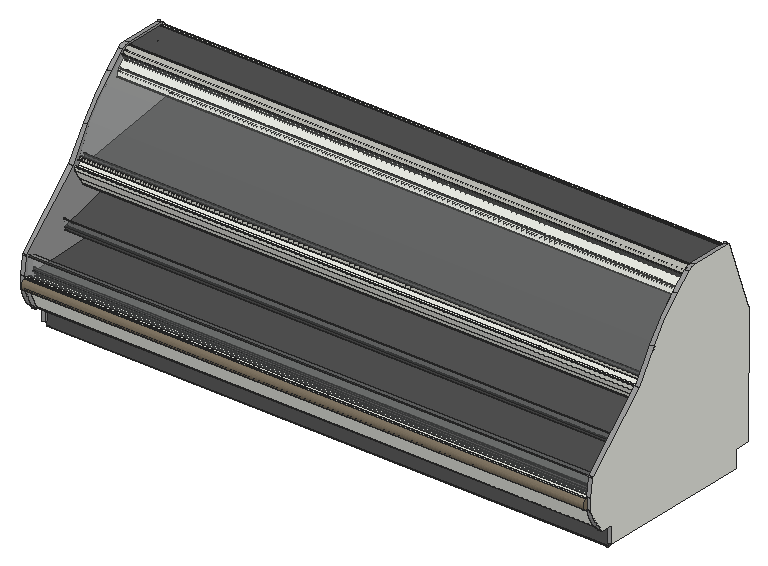
Revit family "CR3-F-EP_2014", category Specialty Equipment, Revit 2014 (continued)
Automatic sketch dimensions
  Extrusion 4 sketch curve to Extrusion 4 sketch curve = 1.352"
  Extrusion 4 sketch curve to Extrusion 4 sketch curve = 0.03046"
  Extrusion 4 sketch curve to Extrusion 4 sketch curve = 0.104"
  Extrusion 4 sketch curve to Extrusion 4 sketch curve = 0.71403"
  Extrusion 4 sketch curve to Extrusion 4 sketch curve = 0.03452"
  Extrusion 4 sketch curve to Extrusion 4 sketch curve = 0.68908"  (x2)
  Extrusion 4 sketch curve to Extrusion 4 sketch curve = 0.07354"  (x2)
  Extrusion 4 sketch curve to Extrusion 4 sketch curve = 0.78092"
  Extrusion 4 sketch curve to Extrusion 4 sketch curve = 1.36572"
  Extrusion 4 sketch curve to Extrusion 4 sketch curve = 0.16857"
  Extrusion 4 sketch curve to Extrusion 4 sketch curve = 0.02954"  (x3)
  Extrusion 4 sketch curve to Extrusion 4 sketch curve = 0.06106"  (x3)
  Extrusion 4 sketch curve to Extrusion 4 sketch curve = 0.094"
  plane 1 "Back" to Extrusion 4 sketch curve = 5.35709"
  plane 3 "Top" to Extrusion 4 sketch curve = 2.81137"
  Extrusion 4 sketch curve to Extrusion 4 sketch curve = 0.05499"
  Extrusion 4 sketch curve to Extrusion 4 sketch curve = 0.30164"
  Extrusion 4 sketch curve to Extrusion 4 sketch curve = 0.16454"
  Extrusion 4 sketch curve to Extrusion 4 sketch curve = 0.02668"  (x3)
  plane 3 "Top" to Extrusion 4 sketch curve = 0.09328"
  Extrusion 4 sketch curve to Extrusion 4 sketch curve = 0.94638"
  Extrusion 4 sketch curve to plane 3 "Top" = 0.10543"
  Extrusion 4 sketch curve to Extrusion 4 sketch curve = 0.28379"
  plane 3 "Top" to Extrusion 4 sketch curve = 3.43393"  (x2)
  Extrusion 4 sketch curve to Extrusion 4 sketch curve = 1.28523"
  Extrusion 4 sketch curve to plane 3 "Top" = 0.01343"
  Extrusion 4 sketch curve to Extrusion 4 sketch curve = 0.58404"
  Extrusion 4 sketch curve to Extrusion 4 sketch curve = 0.36"
  Extrusion 4 sketch curve to Extrusion 4 sketch curve = 0.078"
  Extrusion 4 sketch curve to Extrusion 4 sketch curve = 0.99303"
  Extrusion 4 sketch curve to Extrusion 4 sketch curve = 0.10921"
  plane 3 "Top" to Extrusion 4 sketch curve = 3.03274"
  Extrusion 4 sketch curve to Extrusion 4 sketch curve = 0.0733"  (x4)
  plane 3 "Top" to Extrusion 4 sketch curve = 2.99773"
  Extrusion 4 sketch curve to Extrusion 4 sketch curve = 0.12674"
  plane 3 "Top" to Extrusion 4 sketch curve = 3.07661"
  Extrusion 4 sketch curve to Extrusion 4 sketch curve = 0.00383"
  plane 3 "Top" to Extrusion 4 sketch curve = 2.99595"
  Extrusion 4 sketch curve to Extrusion 4 sketch curve = 0.13143"
  Extrusion 4 sketch curve to Extrusion 4 sketch curve = 0.16815"
  plane 3 "Top" to Extrusion 4 sketch curve = 3.45906"
  Extrusion 4 sketch curve to Extrusion 4 sketch curve = 0.09297"
  Extrusion 4 sketch curve to Extrusion 4 sketch curve = 0.21505"
  Extrusion 4 sketch curve to Extrusion 4 sketch curve = 0.57523"
  plane 3 "Top" to Extrusion 4 sketch curve = 5.61685"
  Extrusion 4 sketch curve to Extrusion 4 sketch curve = 0.07283"
  Extrusion 4 sketch curve to Extrusion 4 sketch curve = 0.39425"
  Extrusion 4 sketch curve to Extrusion 4 sketch curve = 0.25315"
  Extrusion 4 sketch curve to Extrusion 4 sketch curve = 1.4963"
  Extrusion 4 sketch curve to Extrusion 4 sketch curve = 10.83904"
  Extrusion 4 sketch curve to Extrusion 4 sketch curve = 5.63256"
  plane 3 "Top" to Extrusion 4 sketch curve = 6.64353"
  Extrusion 4 sketch curve to Extrusion 4 sketch curve = 0.39943"
  plane 3 "Top" to Extrusion 4 sketch curve = 0.34572"
  Extrusion 4 sketch curve to Extrusion 4 sketch curve = 1.07272"
  plane 3 "Top" to Extrusion 4 sketch curve = 5.63104"
  Extrusion 4 sketch curve to Extrusion 4 sketch curve = 1.75628"
  Extrusion 4 sketch curve to Extrusion 4 sketch curve = 0.96014"
  plane 3 "Top" to Extrusion 4 sketch curve = 5.09665"
  Extrusion 4 sketch curve to Extrusion 4 sketch curve = 0.31787"
  Extrusion 4 sketch curve to Extrusion 4 sketch curve = 0.08586"
  Extrusion 4 sketch curve to Extrusion 4 sketch curve = 0.09299"
  Extrusion 4 sketch curve to Extrusion 4 sketch curve = 0.34287"
  plane 3 "Top" to Extrusion 4 sketch curve = 2.8629"
  Extrusion 4 sketch curve to Extrusion 4 sketch curve = 0.00169"
  Extrusion 4 sketch curve to Extrusion 4 sketch curve = 3.46413"
  Extrusion 4 sketch curve to Extrusion 4 sketch curve = 0.1985"
  Extrusion 4 sketch curve to Extrusion 4 sketch curve = 0.39567"
  Extrusion 4 sketch curve to Extrusion 4 sketch curve = 0.02615"
  Extrusion 4 sketch curve to Extrusion 4 sketch curve = 0.09454"
  Extrusion 4 sketch curve to Extrusion 4 sketch curve = 0.9635"
  Extrusion 4 sketch curve to Extrusion 4 sketch curve = 0.55307"
  Extrusion 4 sketch curve to Extrusion 4 sketch curve = 0.22491"
  level to Extrusion 4 sketch curve = 7.60758"
  Extrusion 4 sketch curve to Extrusion 4 sketch curve = 1.08831"
  Extrusion 4 sketch curve to Extrusion 4 sketch curve = 0.96365"
  plane 3 "Top" to Extrusion 4 sketch curve = 3.963"
  Extrusion 4 sketch curve to Extrusion 4 sketch curve = 0.66947"
  Extrusion 4 sketch curve to Extrusion 4 sketch curve = 0.29278"
  Extrusion 4 sketch curve to Extrusion 4 sketch curve = 0.03128"
  plane 3 "Top" to Extrusion 4 sketch curve = 3.8676"
  Extrusion 4 sketch curve to Extrusion 4 sketch curve = 0.06541"  (x3)
  Extrusion 4 sketch curve to Extrusion 4 sketch curve = 0.08373"
  Extrusion 4 sketch curve to Extrusion 4 sketch curve = 0.01755"
  plane 3 "Top" to Extrusion 4 sketch curve = 4.1655"
  Extrusion 4 sketch curve to Extrusion 4 sketch curve = 0.0336"
  Extrusion 4 sketch curve to Extrusion 4 sketch curve = 0.06279"
  plane 3 "Top" to Extrusion 4 sketch curve = 5.443"
  Extrusion 4 sketch curve to Extrusion 4 sketch curve = 0.34454"
  plane 3 "Top" to Extrusion 4 sketch curve = 5.43364"
  Extrusion 4 sketch curve to Extrusion 4 sketch curve = 0.03373"
  plane 3 "Top" to Extrusion 4 sketch curve = 5.76495"
  plane 3 "Top" to Extrusion 4 sketch curve = 5.7556"
  Extrusion 4 sketch curve to Extrusion 4 sketch curve = 0.02891"
  plane 3 "Top" to Extrusion 4 sketch curve = 5.73981"
  Extrusion 4 sketch curve to Extrusion 4 sketch curve = 0.02898"
  plane 3 "Top" to Extrusion 4 sketch curve = 5.73076"
  Extrusion 4 sketch curve to Extrusion 4 sketch curve = 2.4815"
  Extrusion 4 sketch curve to Extrusion 4 sketch curve = 0.13688"
  Extrusion 4 sketch curve to Extrusion 4 sketch curve = 11/64"
  Extrusion 4 sketch curve to Extrusion 4 sketch curve = 0.04029"
  Extrusion 4 sketch curve to Extrusion 4 sketch curve = 0.06467"
  Extrusion 4 sketch curve to Extrusion 4 sketch curve = 0.06385"
  Extrusion 4 sketch curve to Extrusion 4 sketch curve = 1.13746"
  Extrusion 4 sketch curve to Extrusion 4 sketch curve = 4.3775"
  Extrusion 4 sketch curve to Extrusion 4 sketch curve = 0.01645"
  Extrusion 4 sketch curve to Extrusion 4 sketch curve = 0.4502"
  Extrusion 4 sketch curve to Extrusion 4 sketch curve = 0.00259"
  Extrusion 4 sketch curve to Extrusion 4 sketch curve = 0.05031"
  Extrusion 4 sketch curve to Extrusion 4 sketch curve = 0.01129"  (x5)
  Extrusion 4 sketch curve to Extrusion 4 sketch curve = 1.65387"
  Extrusion 4 sketch curve to Extrusion 4 sketch curve = 0.0325"  (x3)
  Extrusion 4 sketch curve to Extrusion 4 sketch curve = 1.22799"
  Extrusion 4 sketch curve to Extrusion 4 sketch curve = 0.00521"  (x2)
  Extrusion 4 sketch curve to Extrusion 4 sketch curve = 0.09662"  (x2)
  Extrusion 4 sketch curve to Extrusion 4 sketch curve = 0.83717"
  Extrusion 4 sketch curve to Extrusion 4 sketch curve = 1.59722"
  Extrusion 4 sketch curve to Extrusion 4 sketch curve = 0.87601"
  Extrusion 4 sketch curve to Extrusion 4 sketch curve = 0.08357"
  Extrusion 4 sketch curve to Extrusion 4 sketch curve = 0.02379"  (x2)
  Extrusion 4 sketch curve to Extrusion 4 sketch curve = 0.17499"
  Extrusion 4 sketch curve to Extrusion 4 sketch curve = 0.015"  (x4)
  Extrusion 4 sketch curve to Extrusion 4 sketch curve = 0.02598"
  Extrusion 4 sketch curve to Extrusion 4 sketch curve = 2.12313"
  Extrusion 4 sketch curve to Extrusion 4 sketch curve = 0.01904"
  Extrusion 4 sketch curve to Extrusion 4 sketch curve = 0.83568"
  Extrusion 4 sketch curve to Extrusion 4 sketch curve = 0.05629"  (x2)
  Extrusion 4 sketch curve to Extrusion 4 sketch curve = 0.15029"
  Extrusion 4 sketch curve to Extrusion 4 sketch curve = 0.03754"
  Extrusion 4 sketch curve to Extrusion 4 sketch curve = 0.49339"  (x2)
  Extrusion 4 sketch curve to Extrusion 4 sketch curve = 0.04596"
  Extrusion 4 sketch curve to Extrusion 4 sketch curve = 0.05157"
  Extrusion 4 sketch curve to Extrusion 4 sketch curve = 0.87159"
  Extrusion 4 sketch curve to Extrusion 4 sketch curve = 0.06189"
  Extrusion 4 sketch curve to Extrusion 4 sketch curve = 1.66598"
  Extrusion 4 sketch curve to Extrusion 4 sketch curve = 0.75885"
  Extrusion 4 sketch curve to Extrusion 4 sketch curve = 0.01798"
  Extrusion 4 sketch curve to Extrusion 4 sketch curve = 0.7957"
  Extrusion 4 sketch curve to Extrusion 4 sketch curve = 0.21178"
  Extrusion 4 sketch curve to Extrusion 4 sketch curve = 0.02642"
  Extrusion 4 sketch curve to Extrusion 4 sketch curve = 0.06333"
  plane 5 "Front" to Extrusion 4 sketch curve = 6.06739"
  Extrusion 4 sketch curve to Extrusion 4 sketch curve = 0.05811"
  Extrusion 4 sketch curve to Extrusion 4 sketch curve = 1/16"
  Extrusion 4 sketch curve to Extrusion 4 sketch curve = 0.00996"
  Extrusion 4 sketch curve to Extrusion 4 sketch curve = 0.06037"
  Extrusion 4 sketch curve to Extrusion 4 sketch curve = 0.345"  (x2)
  Extrusion 4 sketch curve to Extrusion 4 sketch curve = 0.72585"
  Extrusion 4 sketch curve to Extrusion 4 sketch curve = 0.002"
  Extrusion 4 sketch curve to Extrusion 4 sketch curve = 0.07433"
  Extrusion 4 sketch curve to Extrusion 4 sketch curve = 0.05894"
  Extrusion 4 sketch curve to Extrusion 4 sketch curve = 0.942"
  Extrusion 4 sketch curve to Extrusion 4 sketch curve = 0.437"
  Extrusion 4 sketch curve to Extrusion 4 sketch curve = 1.30099"
  Extrusion 4 sketch curve to Extrusion 4 sketch curve = 0.321"  (x2)
  Extrusion 4 sketch curve to Extrusion 4 sketch curve = 0.3835"
  Extrusion 4 sketch curve to Extrusion 4 sketch curve = 0.33171"
  Extrusion 4 sketch curve to Extrusion 4 sketch curve = 0.48743"
  Extrusion 4 sketch curve to Extrusion 4 sketch curve = 0.0925"  (x2)
  Extrusion 4 sketch curve to Extrusion 4 sketch curve = 0.71176"
  Extrusion 4 sketch curve to Extrusion 4 sketch curve = 0.95999"
  Extrusion 4 sketch curve to Extrusion 4 sketch curve = 0.0605"
  Extrusion 4 sketch curve to Extrusion 4 sketch curve = 0.136"
  Extrusion 4 sketch curve to Extrusion 4 sketch curve = 0.70692"
  Extrusion 4 sketch curve to Extrusion 4 sketch curve = 0.92046"
  Extrusion 4 sketch curve to Extrusion 4 sketch curve = 1.6225"
  Extrusion 4 sketch curve to Extrusion 4 sketch curve = 0.57125"
  Extrusion 4 sketch curve to Extrusion 4 sketch curve = 0.18131"
  Extrusion 4 sketch curve to Extrusion 4 sketch curve = 0.02229"
  Extrusion 4 sketch curve to Extrusion 4 sketch curve = 0.92417"
  Extrusion 4 sketch curve to Extrusion 4 sketch curve = 2.51608"
  Extrusion 4 sketch curve to Extrusion 4 sketch curve = 0.234"
  Extrusion 4 sketch curve to Extrusion 4 sketch curve = 3.88125"
  Extrusion 4 sketch curve to Extrusion 4 sketch curve = 0.91209"
  Extrusion 4 sketch curve to Extrusion 4 sketch curve = 0.01618"
  Extrusion 4 sketch curve to Extrusion 4 sketch curve = 0.11688"
  Extrusion 4 sketch curve to Extrusion 4 sketch curve = 1.62375"
  Extrusion 4 sketch curve to Extrusion 4 sketch curve = 0.49188"
  Extrusion 4 sketch curve to Extrusion 4 sketch curve = 0.062"
  Extrusion 4 sketch curve to Extrusion 4 sketch curve = 0.59641"
  Extrusion 4 sketch curve to Extrusion 4 sketch curve = 0.371"
  Extrusion 4 sketch curve to Extrusion 4 sketch curve = 0.24458"
  Extrusion 4 sketch curve to Extrusion 4 sketch curve = 12.25814"
  Extrusion 4 sketch curve to Extrusion 4 sketch curve = 0.00656"
  Extrusion 4 sketch curve to Extrusion 4 sketch curve = 0.39739"
  Extrusion 4 sketch curve to Extrusion 4 sketch curve = 0.32348"
  Extrusion 4 sketch curve to Extrusion 4 sketch curve = 0.40266"
  Extrusion 4 sketch curve to Extrusion 4 sketch curve = 2.20453"
  Extrusion 4 sketch curve to Extrusion 4 sketch curve = 0.96558"
  Extrusion 4 sketch curve to Extrusion 4 sketch curve = 0.00552"
  Extrusion 4 sketch curve to Extrusion 4 sketch curve = 0.00871"
  Extrusion 4 sketch curve to Extrusion 4 sketch curve = 0.2278"
  Extrusion 4 sketch curve to Extrusion 4 sketch curve = 0.43171"
  Extrusion 4 sketch curve to Extrusion 4 sketch curve = 0.48256"
  Extrusion 4 sketch curve to Extrusion 4 sketch curve = 0.21425"
  Extrusion 4 sketch curve to Extrusion 4 sketch curve = 0.2033"
  Extrusion 4 sketch curve to Extrusion 4 sketch curve = 0.10971"
  Extrusion 4 sketch curve to Extrusion 4 sketch curve = 1.49484"
  Extrusion 4 sketch curve to Extrusion 4 sketch curve = 0.03573"
  Extrusion 4 sketch curve to Extrusion 4 sketch curve = 1.57639"
  Extrusion 4 sketch curve to Extrusion 4 sketch curve = 2.55901"
  Extrusion 4 sketch curve to Extrusion 4 sketch curve = 2.10033"
  Extrusion 4 sketch curve to Extrusion 4 sketch curve = 0.18997"
  Extrusion 4 sketch curve to Extrusion 4 sketch curve = 0.02468"
  Extrusion 4 sketch curve to Extrusion 4 sketch curve = 0.1215"
  Extrusion 4 sketch curve to Extrusion 4 sketch curve = 0.02433"
  Extrusion 4 sketch curve to Extrusion 4 sketch curve = 0.27401"
  Extrusion 4 sketch curve to Extrusion 4 sketch curve = 0.45308"
  Extrusion 4 sketch curve to Extrusion 4 sketch curve = 0.53668"
  Extrusion 4 sketch curve to Extrusion 4 sketch curve = 2.0894"
  Extrusion 4 sketch curve to Extrusion 4 sketch curve = 0.71345"
  Extrusion 4 sketch curve to Extrusion 4 sketch curve = 0.15642"
  Extrusion 4 sketch curve to Extrusion 4 sketch curve = 0.37047"
  Extrusion 4 sketch curve to Extrusion 4 sketch curve = 0.04042"
  Extrusion 4 sketch curve to Extrusion 4 sketch curve = 0.07403"
  Extrusion 4 sketch curve to Extrusion 4 sketch curve = 0.70129"
  Extrusion 4 sketch curve to Extrusion 4 sketch curve = 0.03957"
  Extrusion 4 sketch curve to Extrusion 4 sketch curve = 4.44465"
  Extrusion 4 sketch curve to Extrusion 4 sketch curve = 0.01077"
  Extrusion 4 sketch curve to Extrusion 4 sketch curve = 119/256"
  Extrusion 4 sketch curve to Extrusion 4 sketch curve = 0.0054"
  Extrusion 4 sketch curve to Extrusion 4 sketch curve = 0.11679"
  Extrusion 4 sketch curve to Extrusion 4 sketch curve = 0.00402"
  Extrusion 4 sketch curve to Extrusion 4 sketch curve = 0.12516"
  Extrusion 4 sketch curve to Extrusion 4 sketch curve = 0.07006"
  Extrusion 4 sketch curve to Extrusion 4 sketch curve = 0.5022"
  Extrusion 4 sketch curve to Extrusion 4 sketch curve = 0.30902"
  Extrusion 4 sketch curve to Extrusion 4 sketch curve = 1.29255"
  Extrusion 4 sketch curve to Extrusion 4 sketch curve = 0.05975"
  Extrusion 4 sketch curve to Extrusion 4 sketch curve = 0.38356"
  Extrusion 4 sketch curve to Extrusion 4 sketch curve = 0.12226"
  Extrusion 4 sketch curve to Extrusion 4 sketch curve = 0.58074"
  Extrusion 4 sketch curve to Extrusion 4 sketch curve = 0.1275"
  Extrusion 4 sketch curve to Extrusion 4 sketch curve = 0.01682"
  Extrusion 4 sketch curve to Extrusion 4 sketch curve = 0.00295"
  Extrusion 4 sketch curve to Extrusion 4 sketch curve = 0.00176"
  Extrusion 4 sketch curve to Extrusion 4 sketch curve = 0.06381"
  Extrusion 4 sketch curve to Extrusion 4 sketch curve = 0.15477"
  Extrusion 4 sketch curve to Extrusion 4 sketch curve = 0.00759"
  Extrusion 4 sketch curve to Extrusion 4 sketch curve = 0.04499"
  Extrusion 4 sketch curve to Extrusion 4 sketch curve = 0.22824"
  Extrusion 4 sketch curve to Extrusion 4 sketch curve = 0.50144"
  Extrusion 4 sketch curve to Extrusion 4 sketch curve = 0.00074"
  Extrusion 4 sketch curve to Extrusion 4 sketch curve = 0.03597"
  Extrusion 4 sketch curve to Extrusion 4 sketch curve = 0.0059"
  Extrusion 4 sketch curve to Extrusion 4 sketch curve = 0.01002"
  Extrusion 4 sketch curve to Extrusion 4 sketch curve = 0.19181"
  Extrusion 4 sketch curve to Extrusion 4 sketch curve = 0.00194"
  plane 3 "Top" to Extrusion 4 sketch curve = 6.83318"
  Extrusion 4 sketch curve to Extrusion 4 sketch curve = 0.00138"
  Extrusion 4 sketch curve to Extrusion 4 sketch curve = 0.11157"
  Extrusion 4 sketch curve to Extrusion 4 sketch curve = 0.00861"
  Extrusion 4 sketch curve to Extrusion 4 sketch curve = 0.00489"
  Extrusion 4 sketch curve to Extrusion 4 sketch curve = 0.31751"
  Extrusion 4 sketch curve to Extrusion 4 sketch curve = 0.00042"
  Extrusion 4 sketch curve to Extrusion 4 sketch curve = 0.03852"
  plane 3 "Top" to Extrusion 4 sketch curve = 2.44542"
  Extrusion 4 sketch curve to Extrusion 4 sketch curve = 0.15347"
  Extrusion 4 sketch curve to Extrusion 4 sketch curve = 0.00325"
  Extrusion 4 sketch curve to Extrusion 4 sketch curve = 0.23579"
  Extrusion 4 sketch curve to Extrusion 4 sketch curve = 0.00465"
  Extrusion 4 sketch curve to Extrusion 4 sketch curve = 0.00004"
  Extrusion 4 sketch curve to Extrusion 4 sketch curve = 0.30773"
  Extrusion 4 sketch curve to Extrusion 4 sketch curve = 0.51594"
  Extrusion 4 sketch curve to Extrusion 4 sketch curve = 0.013"
  Extrusion 11 sketch curve to Extrusion 11 sketch curve = 0"  (x4)
  plane 5 "Front" to Extrusion 11 sketch curve = 18.14405"
  Extrusion 11 sketch curve to Extrusion 11 sketch curve = 0.03497"
  Extrusion 11 sketch curve to Extrusion 11 sketch curve = 0.05701"
  Extrusion 11 sketch curve to Extrusion 11 sketch curve = 0.00068"
  Extrusion 11 sketch curve to Extrusion 11 sketch curve = 0.26341"
  Extrusion 11 sketch curve to Extrusion 11 sketch curve = 0.23131"
  Extrusion 11 sketch curve to Extrusion 11 sketch curve = 0.02234"
  Extrusion 11 sketch curve to Extrusion 11 sketch curve = 0.001"
  Extrusion 11 sketch curve to Extrusion 11 sketch curve = 0.05816"
  Extrusion 11 sketch curve to Extrusion 11 sketch curve = 0.05649"
  Extrusion 11 sketch curve to Extrusion 11 sketch curve = 0.01279"
  Extrusion 11 sketch curve to Extrusion 11 sketch curve = 0.05749"
  Extrusion 11 sketch curve to Extrusion 11 sketch curve = 0.02271"
  Extrusion 11 sketch curve to Extrusion 11 sketch curve = 0.05103"
  Extrusion 11 sketch curve to Extrusion 11 sketch curve = 0.06982"
  Extrusion 11 sketch curve to Extrusion 11 sketch curve = 0.05319"
  Extrusion 11 sketch curve to Extrusion 11 sketch curve = 0.02085"
  Extrusion 11 sketch curve to Extrusion 11 sketch curve = 0.24863"
  Extrusion 11 sketch curve to Extrusion 11 sketch curve = 0.01136"
  Extrusion 11 sketch curve to Extrusion 11 sketch curve = 0.10181"
  Extrusion 11 sketch curve to Extrusion 11 sketch curve = 0.01343"
  Extrusion 11 sketch curve to Extrusion 11 sketch curve = 0.17617"
  Extrusion 11 sketch curve to Extrusion 11 sketch curve = 0.0652"
  Extrusion 11 sketch curve to Extrusion 11 sketch curve = 0.13275"
  plane 3 "Top" to Extrusion 11 sketch curve = 1.39988"
  plane 1 "Back" to Extrusion 11 sketch curve = 19.25227"
  Extrusion 11 sketch curve to Extrusion 11 sketch curve = 0.00868"
  plane 3 "Top" to Extrusion 11 sketch curve = 1.7342"
  Extrusion 11 sketch curve to Extrusion 11 sketch curve = 0.16803"
  plane 3 "Top" to Extrusion 11 sketch curve = 1.65126"
  Extrusion 11 sketch curve to Extrusion 11 sketch curve = 0.01477"
  Extrusion 11 sketch curve to Extrusion 11 sketch curve = 0.04814"
  plane 3 "Top" to Extrusion 11 sketch curve = 1.82963"
  Extrusion 11 sketch curve to Extrusion 11 sketch curve = 0.06782"
  Extrusion 11 sketch curve to Extrusion 11 sketch curve = 0.01605"
  plane 3 "Top" to Extrusion 11 sketch curve = 1.83427"
  Extrusion 11 sketch curve to Extrusion 11 sketch curve = 0.0114"
  plane 3 "Top" to Extrusion 11 sketch curve = 1.72551"
  Extrusion 11 sketch curve to Extrusion 11 sketch curve = 0.15304"
  plane 3 "Top" to Extrusion 11 sketch curve = 2.07085"
  Extrusion 11 sketch curve to Extrusion 11 sketch curve = 0.19743"
  plane 3 "Top" to Extrusion 11 sketch curve = 0.95506"
  Extrusion 11 sketch curve to Extrusion 11 sketch curve = 0.63056"
  plane 3 "Top" to Extrusion 11 sketch curve = 1.31666"
  Extrusion 11 sketch curve to Extrusion 11 sketch curve = 0.03225"
  plane 3 "Top" to Extrusion 11 sketch curve = 1.09622"
  Extrusion 11 sketch curve to Extrusion 11 sketch curve = 0.11384"
  plane 3 "Top" to Extrusion 11 sketch curve = 0.86558"
  Extrusion 11 sketch curve to Extrusion 11 sketch curve = 0.12568"
  Extrusion 11 sketch curve to Extrusion 11 sketch curve = 0.02337"
  plane 3 "Top" to Extrusion 11 sketch curve = 1.22956"
  Extrusion 11 sketch curve to Extrusion 11 sketch curve = 0.02224"
  plane 3 "Top" to Extrusion 11 sketch curve = 2.21881"
  Extrusion 11 sketch curve to Extrusion 11 sketch curve = 0.19211"
  plane 3 "Top" to Extrusion 11 sketch curve = 0.97768"
  Extrusion 11 sketch curve to Extrusion 11 sketch curve = 0.04242"
  plane 3 "Top" to Extrusion 11 sketch curve = 1.17426"
  Extrusion 11 sketch curve to Extrusion 11 sketch curve = 0.03209"
  Extrusion 11 sketch curve to Extrusion 11 sketch curve = 0.00324"
  plane 3 "Top" to Extrusion 11 sketch curve = 0.88519"
  Extrusion 11 sketch curve to Extrusion 11 sketch curve = 0.06493"
  Extrusion 11 sketch curve to Extrusion 11 sketch curve = 35/128"
  plane 3 "Top" to Extrusion 11 sketch curve = 0.97232"
  Extrusion 11 sketch curve to Extrusion 11 sketch curve = 0.05977"
  Extrusion 11 sketch curve to Extrusion 11 sketch curve = 0.74659"
  plane 3 "Top" to Extrusion 11 sketch curve = 0.07037"
  Extrusion 11 sketch curve to Extrusion 11 sketch curve = 0.92962"
  Extrusion 11 sketch curve to plane 3 "Top" = 0.04115"
  Extrusion 11 sketch curve to Extrusion 11 sketch curve = 0.21146"
  Extrusion 11 sketch curve to Extrusion 11 sketch curve = 0.0781"
  Extrusion 11 sketch curve to Extrusion 11 sketch curve = 0.08006"
  Extrusion 11 sketch curve to Extrusion 11 sketch curve = 0.02165"
  Extrusion 11 sketch curve to Extrusion 11 sketch curve = 0.06791"
  Extrusion 11 sketch curve to Extrusion 11 sketch curve = 0.15832"
  plane 3 "Top" to Extrusion 11 sketch curve = 0.34572"
  Extrusion 11 sketch curve to Extrusion 11 sketch curve = 0.08217"
  Extrusion 11 sketch curve to Extrusion 11 sketch curve = 0.32732"
  Extrusion 11 sketch curve to Extrusion 11 sketch curve = 0.01637"
  Extrusion 11 sketch curve to plane 1 "Back" = 4.38285"
  Extrusion 11 sketch curve to Extrusion 11 sketch curve = 0.20997"
  plane 3 "Top" to Extrusion 11 sketch curve = 18.80828"
  Extrusion 11 sketch curve to Extrusion 11 sketch curve = 0.0229"
  Extrusion 11 sketch curve to Extrusion 11 sketch curve = 0.10169"
  Extrusion 11 sketch curve to Extrusion 11 sketch curve = 0.02884"
  Extrusion 11 sketch curve to Extrusion 11 sketch curve = 0.06024"
  Extrusion 11 sketch curve to Extrusion 11 sketch curve = 0.04023"
  Extrusion 11 sketch curve to Extrusion 11 sketch curve = 0.25707"
  Extrusion 11 sketch curve to Extrusion 11 sketch curve = 0.02688"
  Extrusion 11 sketch curve to Extrusion 11 sketch curve = 0.05327"
  Extrusion 11 sketch curve to Extrusion 11 sketch curve = 0.02245"
  Extrusion 11 sketch curve to Extrusion 11 sketch curve = 0.00027"
  Extrusion 11 sketch curve to Extrusion 11 sketch curve = 0.05422"
  Extrusion 11 sketch curve to Extrusion 11 sketch curve = 0.09285"
  Extrusion 11 sketch curve to Extrusion 11 sketch curve = 0.04609"
  Extrusion 11 sketch curve to Extrusion 11 sketch curve = 0.03447"
  Extrusion 11 sketch curve to Extrusion 11 sketch curve = 0.00846"
  Extrusion 11 sketch curve to Extrusion 11 sketch curve = 0.0021"
  Extrusion 11 sketch curve to Extrusion 11 sketch curve = 0.03168"
  Extrusion 11 sketch curve to Extrusion 11 sketch curve = 0.0384"
  Extrusion 11 sketch curve to Extrusion 11 sketch curve = 0.22693"
  Extrusion 11 sketch curve to Extrusion 11 sketch curve = 0.00749"
  Extrusion 11 sketch curve to Extrusion 11 sketch curve = 0.09452"
  Extrusion 11 sketch curve to Extrusion 11 sketch curve = 0.03351"
  plane 3 "Top" to Extrusion 11 sketch curve = 0.46482"
  Extrusion 11 sketch curve to Extrusion 11 sketch curve = 0.11476"
  Extrusion 11 sketch curve to Extrusion 11 sketch curve = 0.06815"
  Extrusion 13 sketch curve to Extrusion 13 sketch curve = 0"  (x2)
  plane 5 "Front" to Extrusion 13 sketch curve = 18.20106"
  Extrusion 13 sketch curve to Extrusion 13 sketch curve = 0.23262"
  Extrusion 13 sketch curve to plane 1 "Back" = 4.36059"
  level to Extrusion 13 sketch curve = 19.21683"
  plane 3 "Top" to Extrusion 13 sketch curve = 19.59132"
  Extrusion 13 sketch curve to Extrusion 13 sketch curve = 0.09159"
  plane 3 "Top" to Extrusion 13 sketch curve = 0.9955"
  Extrusion 13 sketch curve to Extrusion 13 sketch curve = 0.1428"
  Extrusion 40 sketch curve to Extrusion 40 sketch curve = 0"  (x6)
  plane 5 "Front" to Extrusion 40 sketch curve = 19.81742"
  Extrusion 40 sketch curve to Extrusion 40 sketch curve = 0.0325"  (x2)
  Extrusion 40 sketch curve to Extrusion 40 sketch curve = 0.035"  (x2)
  Extrusion 40 sketch curve to Extrusion 40 sketch curve = 0.015"  (x2)
  Extrusion 40 sketch curve to Extrusion 40 sketch curve = 0.0175"  (x2)
  Extrusion 40 sketch curve to Extrusion 40 sketch curve = 0.58033"
  Extrusion 40 sketch curve to Extrusion 40 sketch curve = 0.94301"
  Extrusion 40 sketch curve to Extrusion 40 sketch curve = 5/128"
  plane 1 "Back" to Extrusion 40 sketch curve = 5.18508"
  Extrusion 40 sketch curve to Extrusion 40 sketch curve = 0.00656"
  Extrusion 40 sketch curve to Extrusion 40 sketch curve = 0.06108"
  Extrusion 40 sketch curve to Extrusion 40 sketch curve = 0.53983"
  Extrusion 40 sketch curve to Extrusion 40 sketch curve = 0.02819"
  Extrusion 40 sketch curve to Extrusion 40 sketch curve = 0.44899"
  Extrusion 40 sketch curve to Extrusion 40 sketch curve = 0.02193"
  Extrusion 40 sketch curve to Extrusion 40 sketch curve = 0.00807"
  plane 3 "Top" to Extrusion 40 sketch curve = 21.71715"
  Extrusion 40 sketch curve to Extrusion 40 sketch curve = 0.00838"
  Extrusion 40 sketch curve to Extrusion 40 sketch curve = 0.52857"
  Extrusion 40 sketch curve to Extrusion 40 sketch curve = 0.30474"
  plane 3 "Top" to Extrusion 40 sketch curve = 19.20487"
  Extrusion 40 sketch curve to Extrusion 40 sketch curve = 0.04244"
  Extrusion 40 sketch curve to Extrusion 40 sketch curve = 1.63517"
  Extrusion 40 sketch curve to Extrusion 40 sketch curve = 0.34751"  (x2)
  Extrusion 40 sketch curve to Extrusion 40 sketch curve = 1.47291"
  Extrusion 40 sketch curve to Extrusion 40 sketch curve = 0.01026"
  Extrusion 40 sketch curve to Extrusion 40 sketch curve = 0.24733"
  level to Extrusion 38 sketch curve = 1"
  Extrusion 38 sketch curve to Extrusion 38 sketch curve = 3.99034"  (x2)
  Extrusion 38 sketch curve to Extrusion 38 sketch curve = 3/8"  (x2)
  plane 1 "Back" to Extrusion 38 sketch curve = 0.20665"  (x2)
  Extrusion 38 sketch curve to Extrusion 38 sketch curve = 1/4"  (x3)
  Extrusion 38 sketch curve to Extrusion 38 sketch curve = 0.31471"
  plane 5 "Front" to Extrusion 38 sketch curve = 1.24182"
  Extrusion 38 sketch curve to Extrusion 38 sketch curve = 5.78758"
  level to Extrusion 38 sketch curve = 13.13097"
  Extrusion 38 sketch curve to Extrusion 38 sketch curve = 2.51899"
  plane 5 "Front" to Extrusion 38 sketch curve = 2.13222"
  Extrusion 38 sketch curve to Extrusion 38 sketch curve = 7.15987"
  plane 5 "Front" to Extrusion 38 sketch curve = 1.7889"
  Extrusion 38 sketch curve to Extrusion 38 sketch curve = 0.3635"
  Extrusion 38 sketch curve to plane 1 "Back" = 4.36235"
  Extrusion 38 sketch curve to Extrusion 38 sketch curve = 13.60149"
  Extrusion 38 sketch curve to Extrusion 38 sketch curve = 17.3473"
  Extrusion 38 sketch curve to Extrusion 38 sketch curve = 0.07517"
  Extrusion 38 sketch curve to Extrusion 38 sketch curve = 0.27263"
  plane 3 "Top" to Extrusion 38 sketch curve = 16.82791"
  Extrusion 38 sketch curve to plane 1 "Back" = 0.02827"
  Extrusion 38 sketch curve to Extrusion 38 sketch curve = 7.46966"
  plane 3 "Top" to Extrusion 38 sketch curve = 3.82264"
  plane 3 "Top" to Extrusion 38 sketch curve = 2.68623"
  plane 3 "Top" to Extrusion 38 sketch curve = 0.44842"
  Extrusion 38 sketch curve to plane 3 "Top" = 0.06377"
  Extrusion 38 sketch curve to plane 3 "Top" = 0.14927"
  Extrusion 38 sketch curve to Extrusion 38 sketch curve = 3.40395"
  plane 1 "Back" to Extrusion 38 sketch curve = 6.1198"
  Extrusion 38 sketch curve to Extrusion 38 sketch curve = 10.47932"
  Extrusion 38 sketch curve to Extrusion 38 sketch curve = 3.77915"
  Extrusion 38 sketch curve to Extrusion 38 sketch curve = 4.62645"
  Extrusion 38 sketch curve to Extrusion 38 sketch curve = 0.06132"
  Extrusion 38 sketch curve to Extrusion 38 sketch curve = 9.2809"
  plane 5 "Front" to Extrusion 38 sketch curve = 7.75543"
  Extrusion 38 sketch curve to Extrusion 38 sketch curve = 2.60672"
  Extrusion 38 sketch curve to Extrusion 38 sketch curve = 0.01343"
  Extrusion 38 sketch curve to Extrusion 38 sketch curve = 0.0802"
  Extrusion 38 sketch curve to Extrusion 38 sketch curve = 2 29/32"
  Extrusion 38 sketch curve to Extrusion 38 sketch curve = 0.21081"
  plane 5 "Front" to Extrusion 39 sketch curve = 0.99182"
  Extrusion 39 sketch curve to Extrusion 39 sketch curve = 1/4"
  plane 5 "Front" to Extrusion 39 sketch curve = 1.7889"
  Extrusion 39 sketch curve to Extrusion 39 sketch curve = 0.34332"
  plane 5 "Front" to Extrusion 39 sketch curve = 4.76027"
  Extrusion 39 sketch curve to Extrusion 39 sketch curve = 0.01343"
  Extrusion 39 sketch curve to Extrusion 39 sketch curve = 2.60672"
  level to Extrusion 39 sketch curve = 1"
  Extrusion 39 sketch curve to Extrusion 39 sketch curve = 3/8"  (x2)
  Extrusion 39 sketch curve to Extrusion 39 sketch curve = 7.52115"
  plane 5 "Front" to Extrusion 39 sketch curve = 16.36125"
  Extrusion 39 sketch curve to Extrusion 39 sketch curve = 0.25749"
  Extrusion 39 sketch curve to Extrusion 39 sketch curve = 0.06132"
  Extrusion 39 sketch curve to Extrusion 39 sketch curve = 4.62645"
  Extrusion 39 sketch curve to Extrusion 39 sketch curve = 9.2809"
  plane 3 "Top" to Extrusion 39 sketch curve = 3.82264"
  Extrusion 39 sketch curve to Extrusion 39 sketch curve = 7.45727"
  plane 3 "Top" to Extrusion 39 sketch curve = 0.44842"
  Extrusion 39 sketch curve to Extrusion 39 sketch curve = 3.77915"
  Extrusion 39 sketch curve to Extrusion 39 sketch curve = 1.99804"
  Extrusion 39 sketch curve to plane 3 "Top" = 0.31377"
  plane 1 "Back" to Extrusion 39 sketch curve = 6.35472"
  Extrusion 39 sketch curve to plane 3 "Top" = 0.14927"
  Extrusion 39 sketch curve to Extrusion 39 sketch curve = 0.23492"
  plane 1 "Back" to Extrusion 39 sketch curve = 3.98561"
  plane 1 "Back" to Extrusion 39 sketch curve = 0.20665"  (x2)
  Extrusion 39 sketch curve to plane 1 "Back" = 0.02827"
  Extrusion 39 sketch curve to plane 1 "Back" = 0.04335"
  Extrusion 39 sketch curve to plane 1 "Back" = 4.36235"
  Extrusion 39 sketch curve to Extrusion 39 sketch curve = 3.99034"  (x2)
  Extrusion 39 sketch curve to Extrusion 39 sketch curve = 0.31471"
  Extrusion 39 sketch curve to Extrusion 39 sketch curve = 5.78758"
  level to Extrusion 39 sketch curve = 13.13097"
  Extrusion 39 sketch curve to Extrusion 39 sketch curve = 2 29/32"
  Extrusion 39 sketch curve to Extrusion 39 sketch curve = 2.51899"
  Extrusion 39 sketch curve to Extrusion 39 sketch curve = 4.25364"
  Extrusion 39 sketch curve to Extrusion 39 sketch curve = 0.3635"
  Extrusion 39 sketch curve to Extrusion 39 sketch curve = 13.60149"
  Extrusion 39 sketch curve to Extrusion 39 sketch curve = 7.54483"
  Extrusion 39 sketch curve to Extrusion 39 sketch curve = 0.07517"
  plane 3 "Top" to Extrusion 39 sketch curve = 16.82791"
  Extrusion 39 sketch curve to Extrusion 39 sketch curve = 0"
  Extrusion 1 sketch curve to Extrusion 1 sketch curve = 0"  (x2)
  Extrusion 2 sketch curve to Extrusion 2 sketch curve = 0"
  Extrusion 3 sketch curve to Extrusion 3 sketch curve = 0"
  curve 8 to plane 4 "Left" = 0"
  curve 8 to plane 8 "Right" = 0"
  curve 5 to plane 5 "Front" = 0"
  plane 1 "Back" to curve 1 = 0"
  plane 1 "Back" to curve 4 = 0"
  plane 1 "Back" to curve 2 = 0"
  plane 1 "Back" to curve 3 = 0"
  plane 1 "Back" to curve 5 = 0"
  Extrusion 14 sketch curve to Extrusion 14 sketch curve = 0"  (x3)
  plane 6 "Center (Left/Right)" to Extrusion 14 sketch curve = 5"
Nested families (in)
  nested 1: "Floor Support - Pegs" at (-75.99499, -30.6875, 0), type "Floor Support - Pegs"
  nested 2: "Floor Support - Pegs" at (65.38051, -30.6875, 0), type "Floor Support - Pegs"
  nested 3: "Service Doors - 110deg - 48" at (18.69301, -25.0591, 11.25191), visible <- "12 Case", type "Service Doors - 110deg - 48"
  nested 4: "Light" at (-5.30699, -11.1887, -4.00524), type "Light"
  nested 5: "Light" at (-5.30699, -21.97556, -23.79603), type "Light"
  nested 6: "Light" at (-5.30699, -27.6863, -31.8452), type "Light"
  nested 7: "Service Doors - 110deg - 48" at (-29.30699, -25.0591, 11.25191), visible <- "12 Case", type "Service Doors - 110deg - 48"
  nested 8: "Service Doors - 110deg - 48" at (-77.30699, -25.0591, 11.25191), visible <- "12 Case", type "Service Doors - 110deg - 48"
  nested 9: "Service Doors - 110deg - 48" at (18.69301, -25.0591, 11.25191), visible <- "12 Case", type "Service Doors - 110deg - 48", not visible
  nested 10: "Service Doors - 110deg - 48" at (-29.30699, -25.0591, 11.25191), visible <- "12 Case", type "Service Doors - 110deg - 48", not visible
  nested 11: "Service Doors - 110deg - 48" at (-77.30699, -25.0591, 11.25191), visible <- "12 Case", type "Service Doors - 110deg - 48", not visible
  nested 12: "Service Doors - 110deg - 48" at (-29.30699, -25.0591, 11.25191), visible <- "8 Case", type "Service Doors - 110deg - 48"
  nested 13: "Service Doors - 110deg - 48" at (-77.30699, -25.0591, 11.25191), visible <- "8 Case", type "Service Doors - 110deg - 48"
  nested 14: "Service Doors - 110deg - 48" at (-29.30699, -25.0591, 11.25191), visible <- "8 Case", type "Service Doors - 110deg - 48", not visible
  nested 15: "Service Doors - 110deg - 48" at (-77.30699, -25.0591, 11.25191), visible <- "8 Case", type "Service Doors - 110deg - 48", not visible
  nested 16: "Service Doors - 110deg - 48" at (-77.30699, -25.0591, 11.25191), visible <- "4 Case", type "Service Doors - 110deg - 48"
  nested 17: "Service Doors - 110deg - 48" at (-77.30699, -25.0591, 11.25191), visible <- "4 Case", type "Service Doors - 110deg - 48", not visible
  nested 18: "Service Doors - 110deg - 72" at (-77.30699, -25.0591, 11.25191), visible <- "6 Case", type "Service Doors - 110deg - 72"
  nested 19: "Service Doors - 110deg - 72" at (-72.99499, -14.67418, 0), visible <- "6 Case", type "Service Doors - 110deg - 72", not visible
  nested 20: "Sliding Doors" at (-77.30699, -0.27157, 7.54708), type "Sliding Doors"
  nested 21: "Shelf Braket - 02" at (-75.99499, -21.46057, 19.51458), type "Shelf Braket - 02"
  nested 22: "Shelf Braket - 02" at (65.38051, -21.46057, 19.51458), type "Shelf Braket - 02"
  nested 23: "Floor Support - Pegs" at (-28.86982, -30.6875, 0), type "Floor Support - Pegs"
  nested 24: "Shelf Braket - 02" at (-28.86982, -21.46057, 19.51458), type "Shelf Braket - 02"
  nested 25: "Floor Support - Pegs" at (18.25535, -30.6875, 0), type "Floor Support - Pegs"
  nested 26: "Shelf Braket - 02" at (18.25535, -21.46057, 19.51458), type "Shelf Braket - 02"
  nested 27: "Light" at (-5.30699, 0.84005, -2.48334), type "Light"
Connectors (in)
  piping at (-13.43199, -38.875, 0), diameter 1.5, driven by "Waste Drain"
    settings: on Extrusion 1, index 8, connector inside diameter 1 1/4", connector length 0", flow factor 0, pipe flow 0 GPM, pressure drop 0.00 psi, fitting loss kfactor 0, connector angle 0.00°, fixture units 0, engagement length 0", angle of deflection 0.00°, flow configuration 0, flow direction 0, fitting loss method 0, system type 16, joint type 0, gender type 0, connector reference index -1, connector utility 0, adjustable connector no, is connector primary yes, connector description "1 1/4\""
  piping at (60.38051, -37.125, 0), diameter 0.625, driven by "Refrig. Suction", driven by "Refrigeration Lines Suction"
    settings: on Extrusion 2, index 9, connector inside diameter 7/8", connector length 0", flow factor 0, pipe flow 0 GPM, pressure drop 0.00 psi, fitting loss kfactor 0, connector angle 0.00°, fixture units 0, engagement length 0", angle of deflection 0.00°, flow configuration 0, flow direction 2, fitting loss method 0, system type 22, joint type 0, gender type 0, connector reference index -1, connector utility 0, adjustable connector no, is connector primary no, connector description "Suction"
  piping at (60.88051, -37.125, 0), diameter 0.375, driven by "Refrig. Liquid", driven by "Refrigeration Lines Liquid"
    settings: on Extrusion 3, index 10, connector inside diameter 3/8", connector length 0", flow factor 0, pipe flow 0 GPM, pressure drop 0.00 psi, fitting loss kfactor 0, connector angle 0.00°, fixture units 0, engagement length 0", angle of deflection 0.00°, flow configuration 0, flow direction 1, fitting loss method 0, system type 22, joint type 0, gender type 0, connector reference index -1, connector utility 0, adjustable connector no, is connector primary no, connector description "Liquid"
  piping at (-0.30699, -17.375, 0), diameter 1.5, driven by "Waste Drain"
    settings: on Extrusion 14, index 13, connector inside diameter 1 1/4", connector length 0", flow factor 0, pipe flow 0 GPM, pressure drop 0.00 psi, fitting loss kfactor 0, connector angle 0.00°, fixture units 0, engagement length 0", angle of deflection 0.00°, flow configuration 0, flow direction 0, fitting loss method 0, system type 16, joint type 0, gender type 0, connector reference index -1, connector utility 0, adjustable connector no, is connector primary no, connector description ""
Definition of nested family "Floor Support - Pegs"
  Parameters (values of type "Floor Support - Pegs")
    Leg = Stainless Steel
    Height = 6"
    Depth = 35 3/4"
  Reference planes (in)
    plane 1 "Center (Front/Back)": y = 6.9375
    plane 2: z = 0
    plane 3 "Center (Left/Right)": x = 0
    plane 4: z = 6
    plane 5: y = 24.8125
    plane 6: y = -10.9375
  Forms (in)
    Revolve 1, solid, material "Stainless Steel" <- "Leg"
      sketch origin (0, 0, 0) x (0, 1, 0) y (0, 0, 1)
        loop
          line (-10.9375, 0) -> (-10.4375, 0) -> (-10.4375, 1.00794)
          arc (-10.4375, 1.00794) -> (-10.21653, 1.09947) -> (-10.125, 1.32044) r 0.3125
          line (-10.125, 1.32044) -> (-10.125, 3.375) -> (-10, 3.375) -> (-10, 6) -> (-10.9375, 6) -> (-10.9375, 0)
        axis (-10.9375, 0) -> (-10.9375, 6)
      angle from 0 to 360
    Revolve 2, solid, material "Stainless Steel" <- "Leg"
      sketch origin (0, 35.75, 0) x (0, 1, 0) y (0, 0, 1)
        loop
          line (-10.9375, 0) -> (-10.4375, 0) -> (-10.4375, 1.00794)
          arc (-10.4375, 1.00794) -> (-10.21653, 1.09947) -> (-10.125, 1.32044) r 0.3125
          line (-10.125, 1.32044) -> (-10.125, 3.375) -> (-10, 3.375) -> (-10, 6) -> (-10.9375, 6) -> (-10.9375, 0)
        axis (-10.9375, 0) -> (-10.9375, 6)
      angle from 0 to 360
  Dimensions and locks (in)
    "Height": plane 4 to level
    Revolve 1 sketch curve to Revolve 1 sketch curve = 5/16"
    locked: Revolve 1 sketch curve to Revolve 1 sketch curve at 0.5
    "Depth": plane 6 to plane 5
    equal spacing: plane 6, plane 1 "Center (Front/Back)", plane 5
    plane 4 to Revolve 1 sketch curve = 2 5/8"
    locked: Revolve 1 sketch curve to Revolve 1 sketch curve at 0.125
    Revolve 2 sketch curve to Revolve 2 sketch curve = 5/16"
    locked: Revolve 2 sketch curve to Revolve 2 sketch curve at 0.5
    locked: Revolve 2 sketch curve to Revolve 2 sketch curve at 0.125
    aligned and locked: plane 2 to level
    aligned and locked: Revolve 1 sketch curve to Revolve 1 sketch curve
    aligned and locked: plane 6 to Revolve 1 sketch curve
    aligned and locked: Revolve 2 sketch curve to Revolve 2 sketch curve
    aligned and locked: plane 5 to Revolve 2 sketch curve
  Automatic sketch dimensions
    Revolve 1 sketch curve to level = 0"  (x2)
    Revolve 1 sketch curve to plane 4 = 0"  (x2)
    Revolve 1 sketch curve to Revolve 1 sketch curve = 1.00794"
    Revolve 2 sketch curve to level = 0"  (x2)
    Revolve 2 sketch curve to plane 4 = 0"  (x2)
    level to Revolve 2 sketch curve = 1.00794"
    Revolve 2 sketch curve to Revolve 2 sketch curve = 2.05456"
Definition of nested family "Service Doors - 110deg - 48"
  Parameters (values of type "Service Doors - 110deg - 48")
    Glazing = Glass
    Door Frame = Plastic - 144 Mist Gray
  Reference planes (in)
    plane 1 "Center (Front/Back)": y = 25.29918
    plane 2: z = 0
    plane 3 "Center (Left/Right)": x = 0
  Forms (in)
    Sweep 1, solid, material "Plastic - 144 Mist Gray" <- "Door Frame"
      path in 3D
        loop
          line (48, 19.82686, 39.76221) -> (0, 19.82686, 39.76221) -> (0, 25.29918, 24.72713) -> (48, 25.29918, 24.72713) -> (48, 19.82686, 39.76221)
      profile origin (24, 19.82686, 39.76221) x (0, -0.999433, -0.03367) y (0, -0.03367, 0.999433)
        loop
          line (0.22211, -0.07247) -> (0, 0) -> (-0.46528, -1.42601) -> (1.67266, -2.12358) -> (1.98285, -1.17291) -> (0.08303, -0.55303) -> (0.22211, -0.07247)
    Extrusion 2, solid, material "Plastic - 144 Mist Gray" <- "Door Frame"
      sketch origin (1.5, 18.22664, 37.58351) x (0, 0.34202, -0.939693) y (0, 0.939693, 0.34202)
        loop
          line (0, 0.25) -> (13, 0.25) -> (13, 1.0625) -> (0, 1.0625) -> (0, 0.25)
      from 0 to 23
    Extrusion 3, solid, material "Plastic - 144 Mist Gray" <- "Door Frame"
      sketch origin (46.5, 22.67291, 25.36751) x (0, -0.34202, 0.939693) y (0, 0.939693, 0.34202)
        loop
          line (13, 1.875) -> (0, 1.875) -> (0, 1.0625) -> (13, 1.0625) -> (13, 1.875)
      from 0 to 23
    Extrusion 4, void
      sketch origin (46.5, 16.02328, 49.11934) x (0, -0.34202, 0.939693) y (-1, 0, 0)
        loop
          line (-23.09373, 21.5) -> (-23.09373, 1.5) -> (-13.09373, 1.5) -> (-13.09373, 21.5) -> (-23.09373, 21.5)
      from 0 to 0.8125
    Extrusion 5, void
      sketch origin (1.5, 18.28571, 38.15219) x (0, -0.34202, 0.939693) y (1, 0, 0)
        loop
          line (-2.01418, 21.5) -> (-12.01418, 21.5) -> (-12.01418, 1.5) -> (-2.01418, 1.5) -> (-2.01418, 21.5)
      from 0 to 0.8125
    Extrusion 6, solid, material "Glass" <- "Glazing"
      sketch origin (25, 24.43483, 26.0088) x (0, -0.34202, 0.939693) y (0, -0.939693, -0.34202)
        loop
          line (1.5, 0.1875) -> (13, 0.1875) -> (13, 0.625) -> (1.5, 0.625) -> (1.5, 0.1875)
      from 0 to 20
    Extrusion 7, solid, material "Glass" <- "Glazing"
      sketch origin (23, 18.46157, 37.66902) x (0, 0.34202, -0.939693) y (0, -0.939693, -0.34202)
        loop
          line (1.5, -0.625) -> (13, -0.625) -> (13, -0.1875) -> (1.5, -0.1875) -> (1.5, -0.625)
      from 0 to 20
  Cuts and joins
    Extrusion 4 cuts Extrusion 3
    Extrusion 5 cuts Extrusion 2
  Lines and regions (in)
    sketch lines
      curve 1: line (48, 25.29918, 24.72713) -> (48, 19.82686, 39.76221)
      curve 2: line (0, 19.82686, 39.76221) -> (0, 25.29918, 24.72713)
      curve 3: line (48, 19.82686, 39.76221) -> (0, 19.82686, 39.76221)
      curve 4: line (48, 25.29918, 24.72713) -> (0, 25.29918, 24.72713)
  Dimensions and locks (in)
    Extrusion 2 to Extrusion 3 = 45"
    plane 3 "Center (Left/Right)" to Sweep 1 = 48"
    Sweep 1 to Sweep 1 = 1 1/2"
    locked: cut or joined group of Extrusion 3, Extrusion 4 to Extrusion 4 sketch curve at 1.5
    locked: Extrusion 5 sketch curve to cut or joined group of Extrusion 2, Extrusion 5 at 1.5
    Sweep 1 to Sweep 1 = 16"
    locked: cut or joined group of Extrusion 2, Extrusion 5 to Extrusion 5 sketch curve at 1.5  (x2)
    locked: Sweep 1 to Extrusion 5 sketch curve at 1.5
    locked: Extrusion 4 sketch curve to Sweep 1 at 1.5  (x3)
    Sweep 1 to Sweep 1 = 45"
    angle level to Sweep 1 = 110.00°
    aligned and locked: plane 2 to level
    aligned and locked: Extrusion 3 to Sweep 1  (x3)
    aligned and locked: Extrusion 2 to Sweep 1
    aligned and locked: Extrusion 6 to cut or joined group of Extrusion 3, Extrusion 4
    aligned and locked: cut or joined group of Extrusion 3, Extrusion 4 to Extrusion 6
    aligned and locked: cut or joined group of Extrusion 2, Extrusion 5 to Extrusion 7
    aligned and locked: plane 1 "Center (Front/Back)" to Sweep 1
    aligned and locked: Sweep 1 to Extrusion 2 sketch curve  (x2)
    aligned and locked: cut or joined group of Extrusion 2, Extrusion 5 to Extrusion 7 sketch curve
    aligned and locked: Extrusion 7 sketch curve to Sweep 1
    aligned and locked: Sweep 1 to Extrusion 3 sketch curve  (x2)
    aligned and locked: Extrusion 6 sketch curve to Sweep 1
    aligned and locked: Extrusion 6 sketch curve to cut or joined group of Extrusion 3, Extrusion 4
Definition of nested family "Service Doors - 110deg - 72"
  Parameters (values of type "Service Doors - 110deg - 72")
    Glazing = none
    Door Frame = none
  Reference planes (in)
    plane 1 "Center (Front/Back)": y = 25.29918
    plane 2: z = 0
    plane 3 "Center (Left/Right)": x = 0
  Forms (in)
    Sweep 1, solid, material <- "Door Frame"
      path in 3D
        loop
          line (72, 19.82686, 39.76221) -> (0, 19.82686, 39.76221) -> (0, 25.29918, 24.72713) -> (72, 25.29918, 24.72713) -> (72, 19.82686, 39.76221)
      profile origin (36, 19.82686, 39.76221) x (0, -0.999433, -0.03367) y (0, -0.03367, 0.999433)
        loop
          line (0.22211, -0.07247) -> (0, 0) -> (-0.46528, -1.42601) -> (1.67266, -2.12358) -> (1.98285, -1.17291) -> (0.08303, -0.55303) -> (0.22211, -0.07247)
    Extrusion 2, solid, material <- "Door Frame"
      sketch origin (1.5, 18.22664, 37.58351) x (0, 0.34202, -0.939693) y (0, 0.939693, 0.34202)
        loop
          line (0, 0.25) -> (13, 0.25) -> (13, 1.0625) -> (0, 1.0625) -> (0, 0.25)
      from 0 to 35
    Extrusion 3, solid, material <- "Door Frame"
      sketch origin (70.5, 22.67291, 25.36751) x (0, -0.34202, 0.939693) y (0, 0.939693, 0.34202)
        loop
          line (13, 1.875) -> (0, 1.875) -> (0, 1.0625) -> (13, 1.0625) -> (13, 1.875)
      from 0 to 35
    Extrusion 4, void
      sketch origin (70.5, 16.02328, 49.11934) x (0, -0.34202, 0.939693) y (-1, 0, 0)
        loop
          line (-23.09373, 33.5) -> (-23.09373, 1.5) -> (-13.09373, 1.5) -> (-13.09373, 33.5) -> (-23.09373, 33.5)
      from 0 to 0.8125
    Extrusion 5, void
      sketch origin (1.5, 18.28571, 38.15219) x (0, -0.34202, 0.939693) y (1, 0, 0)
        loop
          line (-2.01418, 33.5) -> (-12.01418, 33.5) -> (-12.01418, 1.5) -> (-2.01418, 1.5) -> (-2.01418, 33.5)
      from 0 to 0.8125
    Extrusion 6, solid, material <- "Glazing"
      sketch origin (37, 24.43483, 26.0088) x (0, -0.34202, 0.939693) y (0, -0.939693, -0.34202)
        loop
          line (1.5, 0.1875) -> (13, 0.1875) -> (13, 0.625) -> (1.5, 0.625) -> (1.5, 0.1875)
      from 0 to 32
    Extrusion 7, solid, material <- "Glazing"
      sketch origin (35, 18.46157, 37.66902) x (0, 0.34202, -0.939693) y (0, -0.939693, -0.34202)
        loop
          line (1.5, -0.625) -> (13, -0.625) -> (13, -0.1875) -> (1.5, -0.1875) -> (1.5, -0.625)
      from 0 to 32
  Cuts and joins
    Extrusion 4 cuts Extrusion 3
    Extrusion 5 cuts Extrusion 2
  Lines and regions (in)
    sketch lines
      curve 1: line (72, 25.29918, 24.72713) -> (72, 19.82686, 39.76221)
      curve 2: line (0, 19.82686, 39.76221) -> (0, 25.29918, 24.72713)
      curve 3: line (72, 19.82686, 39.76221) -> (0, 19.82686, 39.76221)
      curve 4: line (72, 25.29918, 24.72713) -> (0, 25.29918, 24.72713)
  Dimensions and locks (in)
    Extrusion 2 to Extrusion 3 = 69"
    plane 3 "Center (Left/Right)" to Sweep 1 = 72"
    Sweep 1 to Sweep 1 = 1 1/2"
    locked: cut or joined group of Extrusion 3, Extrusion 4 to Extrusion 4 sketch curve at 1.5
    locked: Extrusion 5 sketch curve to cut or joined group of Extrusion 2, Extrusion 5 at 1.5
    Sweep 1 to Sweep 1 = 16"
    locked: cut or joined group of Extrusion 2, Extrusion 5 to Extrusion 5 sketch curve at 1.5  (x2)
    locked: Sweep 1 to Extrusion 5 sketch curve at 1.5
    locked: Extrusion 4 sketch curve to Sweep 1 at 1.5  (x3)
    Sweep 1 to Sweep 1 = 69"
    angle level to Sweep 1 = 110.00°
    aligned and locked: plane 2 to level
    aligned and locked: Extrusion 3 to Sweep 1  (x3)
    aligned and locked: Extrusion 2 to Sweep 1
    aligned and locked: Extrusion 6 to cut or joined group of Extrusion 3, Extrusion 4
    aligned and locked: cut or joined group of Extrusion 3, Extrusion 4 to Extrusion 6
    aligned and locked: cut or joined group of Extrusion 2, Extrusion 5 to Extrusion 7
    aligned and locked: plane 1 "Center (Front/Back)" to Sweep 1
    aligned and locked: Sweep 1 to Extrusion 2 sketch curve  (x2)
    aligned and locked: cut or joined group of Extrusion 2, Extrusion 5 to Extrusion 7 sketch curve
    aligned and locked: Extrusion 7 sketch curve to Sweep 1
    aligned and locked: Sweep 1 to Extrusion 3 sketch curve  (x2)
    aligned and locked: Extrusion 6 sketch curve to Sweep 1
    aligned and locked: Extrusion 6 sketch curve to cut or joined group of Extrusion 3, Extrusion 4
Definition of nested family "Sliding Doors"
  Parameters (values of type "Sliding Doors")
    Width = 144"
    Sliding Door = Plastic - 144 Mist Gray
    Height = 20 7/8"
  Reference planes (in)
    plane 1 "Back": y = 0
    plane 2: z = 0
    plane 3 "Left": x = 0
    plane 4: z = 20.875
    plane 5 "Right": x = 144
    plane 6 "Front": y = -1
    plane 7: x = 72
    plane 8: x = 71
    plane 9: x = 73
    plane 10: y = -0.5
  Forms (in)
    Extrusion 1, solid, material "Plastic - 144 Mist Gray" <- "Sliding Door"
      sketch origin (47, -24.3965, -7.37618) x (0, 1, 0) y (0, 0, 1)
        loop
          line (23.3965, 28.25118) -> (23.3965, 7.37618) -> (23.8965, 7.37618) -> (23.8965, 28.25118) -> (23.3965, 28.25118)
      from -47 to 26
    Extrusion 2, solid, material "Plastic - 144 Mist Gray" <- "Sliding Door"
      sketch origin (47, -24.3965, -7.37618) x (0, 1, 0) y (0, 0, 1)
        loop
          line (23.8965, 7.37618) -> (24.3965, 7.37618) -> (24.3965, 28.25118) -> (23.8965, 28.25118) -> (23.8965, 7.37618)
      from 24 to 97
    Extrusion 3, void
      sketch origin (25, -24.3965, -7.37618) x (1, 0, 0) y (0, 0, 1)
        loop
          circle (117, 17.81368) r 1
      from -24.3965 to -23.8965
    Extrusion 4, void
      sketch origin (47, -24.3965, -7.37618) x (1, 0, 0) y (0, 0, 1)
        loop
          circle (-45, 17.81368) r 1
      from -23.8965 to -23.3965
  Cuts and joins
    Extrusion 3 cuts Extrusion 2
    Extrusion 4 cuts Extrusion 1
  Dimensions and locks (in)
    "Height": plane 4 to level
    "Width": plane 5 "Right" to plane 3 "Left"
    equal spacing: plane 5 "Right", plane 7, plane 3 "Left"
    plane 9 to plane 7 to plane 8 = 1" locked, 1" locked
    equal spacing: plane 4, Extrusion 4 sketch curve, level
    equal spacing: plane 4, Extrusion 3 sketch curve, level
    locked: plane 5 "Right" to Extrusion 3 sketch curve at 2
    locked: Extrusion 4 sketch curve to plane 3 "Left" at 2
    plane 6 "Front" to plane 1 "Back" = 1"
    equal spacing: plane 6 "Front", plane 10, plane 1 "Back"
    aligned and locked: level to plane 2
    aligned and locked: plane 4 to Extrusion 1
    aligned and locked: Extrusion 2 to plane 4
    aligned and locked: plane 5 "Right" to Extrusion 2
    aligned and locked: Extrusion 1 to plane 3 "Left"
    aligned and locked: Extrusion 1 to level
    aligned and locked: Extrusion 2 to level
    aligned and locked: Extrusion 1 to plane 9
    aligned and locked: Extrusion 2 to plane 8
    aligned and locked: Extrusion 2 to plane 1 "Back"
    aligned and locked: Extrusion 3 to plane 1 "Back"
    aligned and locked: Extrusion 2 to Extrusion 3
    aligned and locked: Extrusion 1 to cut or joined group of Extrusion 2, Extrusion 3
    aligned and locked: plane 6 "Front" to Extrusion 4
    aligned and locked: Extrusion 1 to Extrusion 4
  Automatic sketch dimensions
    Extrusion 1 sketch curve to level = 0"
    Extrusion 1 sketch curve to plane 6 "Front" = 0"
    Extrusion 1 sketch curve to Extrusion 1 sketch curve = 1/2"
    Extrusion 1 sketch curve to plane 4 = 0"
    Extrusion 2 sketch curve to level = 0"
    Extrusion 2 sketch curve to plane 6 "Front" = 1/2"
    Extrusion 2 sketch curve to Extrusion 2 sketch curve = 1/2"
    Extrusion 2 sketch curve to plane 4 = 0"
    radius of Extrusion 3 sketch curve = 1"
    radius of Extrusion 4 sketch curve = 1"
Definition of nested family "Shelf Braket - 02"
  Parameters (values of type "Shelf Braket - 02")
    Shelf Bracket = none
  Reference planes (in)
    plane 1 "Center (Front/Back)": y = 0
    plane 2: z = 0
    plane 3 "Center (Left/Right)": x = 0
  Forms (in)
    Extrusion 1, solid, material <- "Shelf Bracket"
      sketch origin (0, 0, 0) x (0, 1, 0) y (0, 0, 1)
        loop
          line (-10.33152, 1.45513) -> (-9.99215, 0.18861) -> (-9.68311, 0) -> (-1.0625, 1.86551) -> (-0.9375, 2.08201) -> (-0.82925, 2.01951) -> (-0.95425, 1.80301) -> (-0.54999, 1.65322) -> (-0.48529, 1.8947) -> (-0.36455, 1.86235) -> (-0.42925, 1.62087) -> (0, 1.58081) -> (0, 1.83081) -> (0.125, 1.83081) -> (0.125, 1.58081) -> (0.55032, 1.65197) -> (0.48529, 1.8947) -> (0.60603, 1.92705) -> (0.66983, 1.68893) -> (0.74614, 1.70938) -> (0.83453, 1.86247) -> (0.73837, 2.22133) -> (0.58528, 2.30972) -> (0.00283, 2.17168) -> (-0.50249, 2.33547) -> (-0.719, 2.46047) -> (0, 3.70581) -> (-0.03235, 3.82655) -> (0.08839, 3.85891) -> (0.19664, 3.79641) -> (0.13414, 3.68815) -> (0.15309, 3.61742) -> (0.38084, 3.67845) -> (0.46923, 3.83154) -> (0.37217, 4.19376) -> (0.21908, 4.28215) -> (-10.33152, 1.45513)
        loop
          circle (0.289, 3.98456) r 0.07
      from 0.125 to -0.125
    Extrusion 2, solid, material <- "Shelf Bracket"
      sketch origin (0, 0, 0) x (0, 1, 0) y (0, 0, 1)
        loop
          line (-0.29106, 4.25416) -> (-10.35869, 1.55655) -> (-10.33152, 1.45513) -> (-0.26388, 4.15274) -> (-0.29106, 4.25416)
      from 0.25 to -0.25
  Dimensions and locks (in)
    aligned and locked: plane 2 to level
Definition of nested family "Light"
  Parameters (values of type "Light")
    Wattage = 16.1571 W
    built-in parameter 1150110 = 1 (stored number, unit not read)
    built-in parameter 1114217 = 1 (stored number, unit not read)
    built-in parameter 1150109 = 1 (stored number, unit not read)
    built-in parameter 1150134 = (empty or 0)
    built-in parameter 1150113 = 1 (stored number, unit not read)
    Lumens = 2400 lm
    built-in parameter 1150115 = 1 (stored number, unit not read)
    built-in parameter 1150105 = 763.94 (stored number, unit not read)
    Light Source Symbol Size = 24"
    built-in parameter 1150137 = (empty or 0)
    built-in parameter 1150139 = (empty or 0)
    Lense = none
    Length = 24"
    built-in parameter 1150112 = 1 (stored number, unit not read)
    built-in parameter 1150114 = 1 (stored number, unit not read)
    built-in parameter 1150132 = 2
    built-in parameter 1150102 = (empty or 0)
    built-in parameter 1150138 = (empty or 0)
    built-in parameter 1150107 = 6100 (stored number, unit not read)
    built-in parameter 1150106 = 7.6394 (stored number, unit not read)
    Emit from Line Length = Length  # 24"
    built-in parameter 1150104 = 13.8 (stored number, unit not read)
    Dimming Lamp Color Temperature Shift = (empty or 0)
    Color Filter = 16777215
    Casing = none
    built-in parameter 1114218 = 1 (stored number, unit not read)
    built-in parameter 1150133 = 10 (stored number, unit not read)
  Reference planes (in)
    plane 1 "Light Source Axis (F/B)": y = -8.60801
    plane 2: z = 0
    plane 3 "Light Source Axis (L/R)": x = 0
    plane 4 "Light Source Elevation": z = 52.5
    plane 5: z = 0
    plane 6 "Left": x = -12
    plane 7 "Right": x = 12
  Lines and regions (in)
    model lines
      curve 1: line (-12, -8.60801, 52.5) -> (12, -8.60801, 52.5)
  Dimensions and locks (in)
    equal spacing: plane 7 "Right", plane 3 "Light Source Axis (L/R)", plane 6 "Left"
    "Length": plane 7 "Right" to plane 6 "Left"
    aligned and locked: plane 3 "Light Source Axis (L/R)" to imposter light
    aligned and locked: plane 1 "Light Source Axis (F/B)" to imposter light
    aligned and locked: plane 4 "Light Source Elevation" to imposter light
    aligned and locked: level to plane 5
  Automatic sketch dimensions
    plane 1 "Light Source Axis (F/B)" to curve 1 = 0"
    curve 1 to plane 6 "Left" = 0"
    curve 1 to plane 7 "Right" = 0"
Types (4): name | Width | Upper Drain | Number of Supports | Lower Drain | 8 Case | 6 Case | 4 Case | 12 Case
  12'-0" Length | 144" | 77" | 4 | 65" | no | no | no | yes
  8'-0" Length | 96" | 56" | 3 | 53" | yes | no | no | no
  6'-0" Length | 72" | 44" | 3 | 41" | no | yes | no | no
  4'-0" Length | 48" | 32" | 2 | 7" | no | no | yes | no
